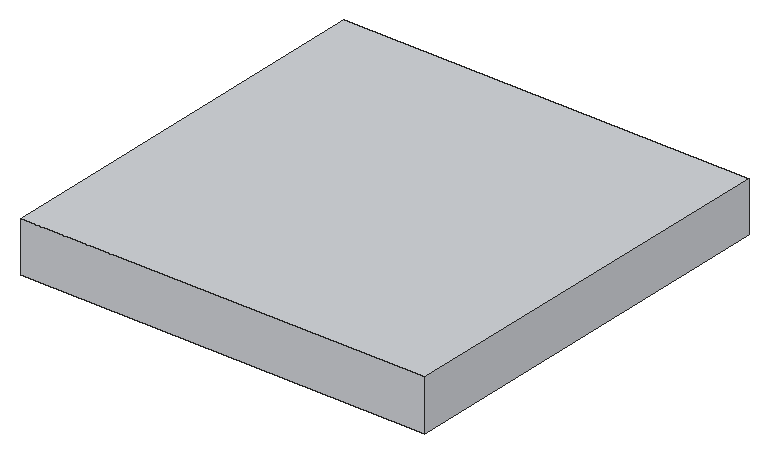
Revit family "00-7388-05-05", category Luminarias, Revit 2017
Family settings
  Anfitrión = Cara
  Cota de conector redondo = Diámetro de uso
  Tipo de pieza = Normal
  Número OmniClass = 23.80.70.00
  Título OmniClass = Lighting
  Corte con vacíos al cargar = No
  Origen de luz = No
  Compartido = Sí
  Punto de cálculo de habitación = No
Parameters (values of type "00-7388-05-05")
  Versión = "v1"
  Vatios (W) = 23
  Tipo de regulación = ""
  Tipo = "Colgante"
  Tender text (English) = "LEDS C4\nAttic Rectangular Shape\n00-7388-05-05\n\nPendant for indoor and outdoor use. \n\nFor downlighting. Design by Nahtrang. Ideal deco-tech compositions. Timeless design. Highly versatile, multiple installations. Highly customisable: accessories, finishes… No visible screws. Optimum price-performance. Easy instalation. High durability for intensive use. Structure material: Aluminium. Structure finish: Black. Warranty: 5 Years.\n\nProduct net weight (Kg): 0.000\nProduct width or diameter (mm): 150\nProduct height (mm): 2500\n\nClass 2. IP: IP20. E27. Maximum length of luminaire bulb: 120. Maximum diameter of luminaire bulb: 100. No. of lampholders or LEDs: 1. Maximum power of light source: 23W. Gear included: No. Total power: 23. Power factor: 1.00."
  Tender text (Castellano) = "LEDS C4\nAttic Rectangular Shape\n00-7388-05-05\n\nColgante de uso interior y exterior para iluminar hacia abajo. \n\nDiseño de Nahtrang. Ideal composiciones deco-tech. Diseño atemporal. Muy versátil. Múltiples instalaciones. Muy customizable: accesorios, acabados… Sin tornillos a la vista. Òptimo precio-rendimiento. Fácil instalación. Alta durabilidad para uso intensivo. Material estructura: Aluminio. Acabado estructura: Negro. Garantía: 5 Años.\n\nPeso neto del producto (Kg): 0.000\nAnchura o diámetro del producto (mm): 150\nAltura del producto (mm): 2500\n\nClase 2. IP: IP20. E27. Longitud máxima de la bombilla que admite la luminaria: 120. Diámetro máximo de la bombilla que admite la luminaria: 100. Nº de portalámparas o Leds: 1. Potencia máxima de la fuente de luz: 23W. Equipo incluido: No. Potencia total: 23. Factor de potencia: 1.00."
  Temperatura color led (K) = ""
  Referencia = "00-7388-05-05"
  Rayo de luz = ""
  Producto descatalogado = "Catalogado ES"
  Pluma comercial = "http://files.leds-c4.com/pl/00-7388-05-05.html"
  Peso neto (KG) = 0
  Material = "Aluminio"
  Lumenes reales (lm) = 0
  LDT = "http://files.leds-c4.com/ldt/00-7388-05-05.html"
  Imagen web = "http://files.leds-c4.com/main-photo/00-7388-05-05"
  IfcExportType = "NOTDEFINED"
  IfcExportAs = "IfcLightFixture\r\nIfcLightFixture"
  IP = "IP20"
  IMC = "http://files.leds-c4.com/imc/00-7388-05-05.html"
  IK = ""
  Fuente de luz = ""
  Fotometría = "http://files.leds-c4.com/fm/00-7388-05-05.html"
  Ficha = "http://files.leds-c4.com/ft/es/00-7388-05-05.html"
  FechaVersion = "Julio 2020"
  Familia = "Attic Rectangular Shape"
  Fabricante = "LEDS C4"
  Etiqueta V/f = "100-240V/50-60Hz"
  Elevación por defecto = 1000 mm
  Eficiencia energética = "NO BULB"
  EAN13 = "8435526891238"
  DescripcionUniformat2010 = "Lighting"
  DescripcionUniclass2015 = "Lighting"
  DescripcionOmniclass = "Lighting"
  DescripcionGubimclass = "Iluminación interior"
  CodigoUniformat2010 = "D5040"
  CodigoUniclass2015 = "EF_70_80"
  CodigoOmniclass = "21-04 50 40"
  CodigoGubimclass = "50.60.50.20"
  Catálogo = "Decorative"
  Carga aparente = 0 VA
  CRI = 0
  Acabado = "Negro"
Values of the unnamed type that differ from the named types
  Vatios (W) = 0
  Tipo = ""
  Tender text (English) = ""
  Tender text (Castellano) = ""
  Referencia = ""
  Producto descatalogado = ""
  Pluma comercial = ""
  Material = ""
  LDT = ""
  Imagen web = ""
  IP = ""
  IMC = ""
  Fotometría = ""
  Ficha = ""
  Familia = ""
  Etiqueta V/f = ""
  Eficiencia energética = ""
  EAN13 = ""
  Catálogo = ""
  Acabado = ""
Reference planes
  plane 1 "Centro (Frontal/Posterior)": y = 0
  plane 2: z = 0
  plane 3 "Centro (Izquierda/Derecha)": x = 0
  plane 4 "Elevación de origen de luz": z = 0
  plane 5 "Eje de origen de luz (F/P)": y = 0
  plane 6 "Eje de origen de luz (I/D)": x = 0
Forms (mm)
  Extrusion 1, solid
    sketch origin (0, 0, 0) x (1, 0, 0) y (0, 1, 0)
      loop
        line (-1219.2, 1219.2) -> (-1219.2, -1219.2) -> (1219.2, -1219.2) -> (1219.2, 1219.2) -> (-1219.2, 1219.2)
    from 0 to -304.8
Dimensions and locks
  aligned and locked: plane 2 to Extrusion 1
  aligned and locked: level to Extrusion 1
Nested families
  nested 1: "Luz anidada" at (0.089, -0.14, 1373.377), type "Tipo1"
Connectors
  electrical at (0, 0, 0)
    settings: on Extrusion 1, index 1, voltage 0 V, apparent load 0 VA, apparent load phase1 0 VA, apparent load phase2 0 VA, apparent load phase3 0 VA, power factor 1, load classification "Otro", number of poles 1, system type 31, power factor state 1, is connector primary yes, connector utility no, sub classification motor no, connector description ""
Definition of nested family "Luz anidada"
  Parameters (values of type "Tipo1")
    Tilt Angle = 90.00°
    Wattage = 23 W
    Tipo de regulación = ""
    Tipo = ""
    Tender text = ""
    built-in parameter 1150110 = 1 (stored number, unit not read)
    Pluma comercial = ""
    Material = ""
    Imagen = ""
    IP = ""
    IMC = ""
    IK = ""
    Fotometría = ""
    Ficha = ""
    Familia = ""
    Estado en catálogo = ""
    Peso neto = ""
    Lamp = ""
    built-in parameter 1114217 = 1 (stored number, unit not read)
    built-in parameter 1150109 = 1 (stored number, unit not read)
    Etiqueta vf = ""
    Eficiencia energética = ""
    EAN13 = ""
    built-in parameter 1150134 = (empty or 0)
    built-in parameter 1150113 = 1 (stored number, unit not read)
    Lumens = 2391 lm
    built-in parameter 1150115 = 1 (stored number, unit not read)
    built-in parameter 1150105 = 109.82 (stored number, unit not read)
    built-in parameter 1150137 = (empty or 0)
    built-in parameter 1150139 = (empty or 0)
    built-in parameter 1150112 = 1 (stored number, unit not read)
    built-in parameter 1150114 = 1 (stored number, unit not read)
    built-in parameter 1150132 = (empty or 0)
    built-in parameter 1150102 = (empty or 0)
    built-in parameter 1150138 = (empty or 0)
    built-in parameter 1150107 = 2700 (stored number, unit not read)
    built-in parameter 1150106 = 1.0982 (stored number, unit not read)
    built-in parameter 1150104 = 4.6452 (stored number, unit not read)
    Catálogo = ""
    Dimming Lamp Color Temperature Shift = (empty or 0)
    Color Filter = 16777215
    built-in parameter 1114218 = 1 (stored number, unit not read)
    CRI = 0
    Photometric Web File = "00-7388-05-05.ies"
    Acabado = ""
    built-in parameter 1150133 = 10 (stored number, unit not read)
  Values of the unnamed type that differ from the named types
    Wattage = 7.26667 W
    built-in parameter 1150104 = 6.2948 (stored number, unit not read)
  Reference planes
    plane 1 "Eje de origen de luz (F/P)": y = 0
    plane 2: z = 0
    plane 3 "Eje de origen de luz (I/D)": x = 0
    plane 4 "Elevación de origen de luz": z = 0
  Dimensions and locks
    aligned and locked: plane 3 "Eje de origen de luz (I/D)" to imposter light
    aligned and locked: plane 1 "Eje de origen de luz (F/P)" to imposter light
    aligned and locked: plane 4 "Elevación de origen de luz" to imposter light
    aligned and locked: level to plane 2
